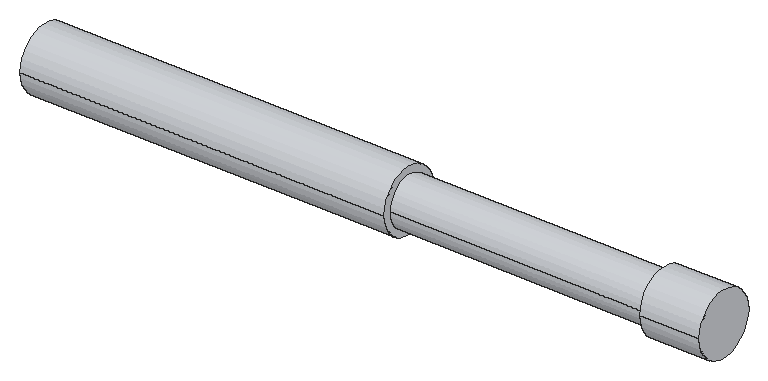
Revit family "M_Conexão de expansão de conduíte - PVC", category Conexões do conduite, Revit 2019
Family settings
  Cota do conector redondo = Usar raio
  Tipo de parte = União
  Número OmniClass = 23.80.30.17.11
  Título OmniClass = Conduits
  ID de item do Seek = Conduit Expansion Coupling - PVC-0000-CAN-ENU
  Com base no plano de trabalho = Não
  Sempre na vertical = Sim
  Corte com vazios quando carregada = Não
  Compartilhado = Não
Parameters (values of type "Padrão")
  Comprimento da viagem [instance] = 100 mm
  Comprimento total [instance] = Comprimento contraído + Comprimento da viagem  # 303.2 mm
  Raio nominal [instance] = 8 mm
  Diâmetro nominal [instance] = Raio nominal * 2  # 16 mm
  Comprimento 2 [instance] = Comprimento contraído * 0.13  # 26.416 mm
  Comprimento 1 [instance] = Comprimento contraído * 0.8  # 162.56 mm
  Raio expandido [instance] = Diâmetro expandido / 2  # 10.668 mm
  Diâmetro expandido [instance] = size_lookup(Pesquisa de tamanho de conduite, "EDia", 1.06 * Diâmetro nominal + 7.342 mm, Diâmetro nominal)  # 21.336 mm
  Comprimento contraído [instance] = size_lookup(Pesquisa de tamanho de conduite, "CLgt", 1.46 * Diâmetro nominal + 184.448 mm, Diâmetro nominal)  # 203.2 mm
  Raio externo da conexão [instance] = Diâmetro externo da conexão / 2  # 13.716 mm
  Diâmetro externo da conexão [instance] = size_lookup(Pesquisa de tamanho de conduite, "FOD", 1.14 * Diâmetro nominal + 12.7 mm, Diâmetro nominal)  # 27.432 mm
  Pesquisa de tamanho de conduite = "M_Conduit Expansion Coupling - PVC"
Reference planes
  plane 1 "Centro (Frente/Trás)": y = 0
  plane 2: z = 0
  plane 3 "Centro (Esquerda/Direita)": x = 0
  plane 4: x = 162.56
  plane 5: x = 276.784
  plane 6: x = 303.2
Forms (mm)
  Sweep 1, solid, detail levels fine
    path origin (0, 0, 0) x (1, 0, 0) y (0, 1, 0)
      loop
        line (0, 0) -> (162.56, 0)
    profile origin (81.28, 0, 0) x (0, 1, 0) y (0, 0, 1)
      loop
        circle (0, 0) r 13.716
  Sweep 2, solid, detail levels fine
    path origin (0, 0, 0) x (1, 0, 0) y (0, 1, 0)
      loop
        line (276.784, 0) -> (303.2, 0)
    profile origin (289.992, 0, 0) x (0, 1, 0) y (0, 0, 1)
      loop
        circle (0, 0) r 13.716
  Sweep 3, solid, detail levels fine
    path origin (0, 0, 0) x (1, 0, 0) y (0, 1, 0)
      loop
        line (162.56, 0) -> (276.784, 0)
    profile origin (219.672, 0, 0) x (0, 1, 0) y (0, 0, 1)
      loop
        circle (0, 0) r 10.668
Cuts and joins
  joined: Sweep 1, Sweep 2, Sweep 3
Lines and regions (mm)
  model lines, detail levels coarse+medium
    curve 1: line (0, 0, 0) -> (303.2, 0, 0)
Dimensions and locks
  "Comprimento 1": plane 3 "Centro (Esquerda/Direita)" to plane 4
  "Comprimento 2": plane 5 to plane 6
  "Comprimento total": plane 3 "Centro (Esquerda/Direita)" to plane 6
  "Raio externo da conexão": radius of Sweep 1 sketch curve
  "Raio externo da conexão": radius of Sweep 2 sketch curve
  "Raio expandido": radius of Sweep 3 sketch curve
  aligned and locked: plane 1 "Centro (Frente/Trás)" to curve 1
  aligned and locked: plane 3 "Centro (Esquerda/Direita)" to curve 1
  aligned and locked: plane 6 to curve 1
  aligned and locked: plane 1 "Centro (Frente/Trás)" to Sweep 1 sketch curve  (x2)
  aligned and locked: plane 4 to Sweep 1 sketch curve
  aligned and locked: plane 3 "Centro (Esquerda/Direita)" to Sweep 1 sketch curve
  aligned and locked: level to Sweep 1 sketch curve
  aligned and locked: plane 1 "Centro (Frente/Trás)" to Sweep 2 sketch curve  (x2)
  aligned and locked: plane 6 to Sweep 2 sketch curve
  aligned and locked: plane 5 to Sweep 2 sketch curve
  aligned and locked: plane 2 to Sweep 2 sketch curve
  aligned and locked: plane 1 "Centro (Frente/Trás)" to Sweep 3 sketch curve  (x2)
  aligned and locked: plane 5 to Sweep 3 sketch curve
  aligned and locked: plane 4 to Sweep 3 sketch curve
  aligned and locked: level to Sweep 3 sketch curve
Connectors
  cabletrayconduit at (0, 0, 0), diameter 16, driven by "Raio nominal"
    settings: on Sweep 1, index 1, connector width 304.8 mm, connector height 304.8 mm, connector angle 0.00°, system type 32, placement type 0, profile type 0, connector reference index 2, is primary connector yes, connector utility param no, connector description ""
  cabletrayconduit at (303.2, 0, 0), diameter 16, driven by "Raio nominal"
    settings: on Sweep 2, index 2, connector width 304.8 mm, connector height 304.8 mm, connector angle 0.00°, system type 32, placement type 0, profile type 0, connector reference index 1, is primary connector no, connector utility param no, connector description ""
